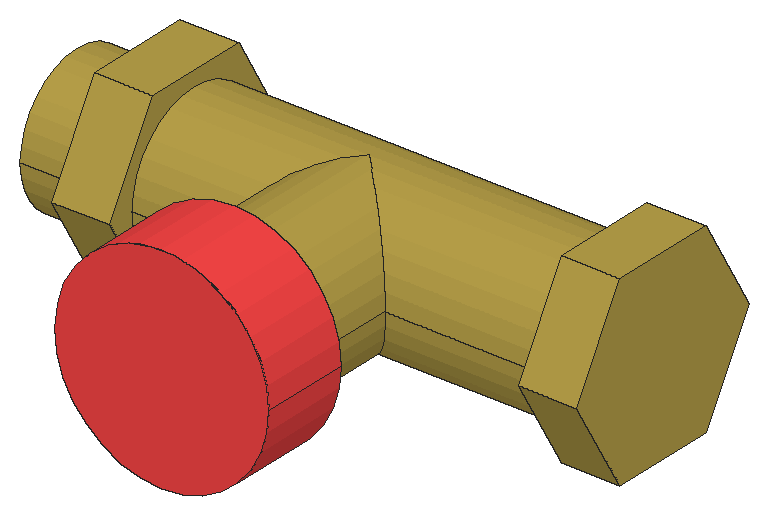
Revit family "Проходной термостатический вентиль «Standart»", category Арматура трубопроводов, Revit 2020
Family settings
  Размер круглого соединителя = Использовать диаметр
  Тип детали = Клапан - Вставляется
  Номер OmniClass = 23.65.55.14.21
  Заголовок OmniClass = Non-Return Valves for Liquid Services
  На основе рабочей плоскости = Нет
  Всегда вертикально = Нет
  При загрузке вырезать с полостями = Нет
  Общий = Да
Parameters (values of type "Dn20")
  Отметка по умолчанию = 0 mm
  Материал клапана = Латунь
  K Coefficient = 1
  Толщина крышки = 0.15 * Длина корпуса  # 12.3 mm
  Дуго = 47.343 mm
  Высота крышки = 36 mm
  Диаметр крышки = 39 mm
  Длина корпуса = 82 mm
  Диаметр корпуса = 0.6 * Диаметр адаптера  # 14.4 mm
  Длина адаптера = 0.1 * Длина корпуса  # 8.2 mm
  Диаметр адаптера = 1.2 * WSR_D1  # 24 mm
  WSR_D1 = 20 mm
  URL = "https://www.weser.ru/about/documentation/"
  Kvs [instance] = 0.0 m³/h
  ADSK_Позиция = ""
  ADSK_Наименование краткое = "Термостатический вентиль"  # constant formula
  ADSK_Наименование [instance] = "Проходной термостатический вентиль «Standart» Dn20"
  ADSK_Масса_Текст = ""
  ADSK_Код изделия [instance] = "820080.100"
  ADSK_Завод-изготовитель = "Weser"  # constant formula
  ADSK_Единица измерения = "шт."  # constant formula
  ADSK_Группирование [instance] = ""
Types (2, lengths in mm): name | K Coefficient | Диаметр корпуса | Диаметр адаптера | WSR_D1 | ADSK_Наименование | ADSK_Код изделия
  Dn15 | 0.54 | 10.8 | 18 | 15 | "Проходной термостатический вентиль «Standart» Dn15" | "820072.100"
  Dn20 | 1 | 14.4 | 24 | 20 | "Проходной термостатический вентиль «Standart» Dn20" | "820080.100"
Reference planes
  plane 1 "По центру (Вперед/Назад)": y = 0
  plane 2: z = 0
  plane 3 "По центру (Влево/Вправо)": x = 0
  plane 4: x = -41
  plane 5: x = 41
  plane 6: x = -32.8
  plane 7: z = 23.7
  plane 8: z = 36
  plane 9: z = -10.8
  plane 10: z = -16.8
  plane 11: x = -3.6
  plane 12: x = -10.8
  plane 13: y = 23.671
  plane 14: y = -23.671
  plane 15: x = 32.8
Forms (mm)
  Extrusion 1, solid, material "Латунь" <- "Материал клапана", detail levels fine
    sketch origin (0, 0, 0) x (0, 1, 0) y (0, 0, 1)
      loop
        circle (0, 0) r 11
    from -32.8 to 41
  Extrusion 2, solid, material "Латунь" <- "Материал клапана", detail levels fine
    sketch origin (0, 0, 0) x (1, 0, 0) y (0, 0, 1)
      loop
        circle (0, 0) r 11
    from 0 to 23.671
  Extrusion 3, solid, material "Латунь" <- "Материал клапана", detail levels fine
    sketch origin (-41, 552.765, 1219.2) x (0, 1, 0) y (0, 0, 1)
      loop
        circle (-552.765, -1219.2) r 10
    from 0 to 8.2
  Extrusion 4, solid, material "Латунь" <- "Материал клапана", detail levels fine
    sketch origin (41, 553.047, 1219.2) x (0, 1, 0) y (0, 0, 1)
      loop
        line (-560.287, -1206.171) -> (-567.809, -1219.2) -> (-560.287, -1232.229) -> (-545.243, -1232.229) -> (-537.721, -1219.2) -> (-545.243, -1206.171) -> (-560.287, -1206.171)
    from 0 to -8.2
  Extrusion 5, solid, material "Латунь" <- "Материал клапана", detail levels fine
    sketch origin (-24.6, 553.047, 1219.2) x (0, 1, 0) y (0, 0, 1)
      loop
        line (-560.287, -1206.171) -> (-567.809, -1219.2) -> (-560.287, -1232.229) -> (-545.243, -1232.229) -> (-537.721, -1219.2) -> (-545.243, -1206.171) -> (-560.287, -1206.171)
    from 0 to -8.2
  Extrusion 6, solid, material "Пластик Красный", detail levels fine
    sketch origin (-152.652, -23.671, 1219.2) x (-1, 0, 0) y (0, 0, 1)
      loop
        circle (-152.652, -1219.2) r 15
    from -12.724 to 0
Cuts and joins
  joined: Extrusion 1, Extrusion 2, Extrusion 3, Extrusion 4, Extrusion 5
Dimensions and locks
  equal spacing: plane 4, plane 3 "По центру (Влево/Вправо)", plane 5
  "Длина корпуса": plane 4 to plane 5
  "Длина адаптера": plane 4 to plane 6
  "Толщина крышки": plane 8 to plane 7
  "Высота крышки": plane 8 to plane 2
  locked: plane 2 to plane 9 at 10.8
  locked: plane 9 to plane 10 at 6
  locked: plane 3 "По центру (Влево/Вправо)" to plane 11 at 3.6
  locked: plane 3 "По центру (Влево/Вправо)" to plane 12 at 10.8
  "Длина адаптера": plane 15 to plane 5
  "Дуго": plane 13 to plane 14
  equal spacing: plane 13, plane 1 "По центру (Вперед/Назад)", plane 14
  "WSR_D1": diameter of Extrusion 3 sketch curve
  aligned and locked: plane 2 to Extrusion 1 sketch curve
  aligned and locked: plane 1 "По центру (Вперед/Назад)" to Extrusion 1 sketch curve
  aligned and locked: Extrusion 1 to plane 6
  aligned and locked: plane 3 "По центру (Влево/Вправо)" to Extrusion 2 sketch curve
  aligned and locked: cut or joined group of Extrusion 1, Extrusion 2, Extrusion 3, Extrusion 4, Extrusion 5 to plane 14
  aligned and locked: plane 6 to Extrusion 3
  aligned and locked: Extrusion 3 to plane 4
  aligned and locked: Extrusion 2 to plane 1 "По центру (Вперед/Назад)"
  aligned and locked: plane 5 to Extrusion 1
  aligned and locked: Extrusion 4 to plane 15
  aligned and locked: Extrusion 6 to cut or joined group of Extrusion 1, Extrusion 2, Extrusion 3, Extrusion 4, Extrusion 5
  aligned and locked: nested 1 to plane 5
  aligned and locked: plane 1 "По центру (Вперед/Назад)" to nested 1
Automatic sketch dimensions
  Extrusion 2 sketch curve to level = 0 mm
  Extrusion 3 sketch curve to level = 0 mm
  Extrusion 3 sketch curve to plane 1 "По центру (Вперед/Назад)" = 0 mm
  Extrusion 5 sketch curve to level = 0 mm  (x2)
  plane 14 to Extrusion 5 sketch curve = 8.91 mm
  plane 1 "По центру (Вперед/Назад)" to Extrusion 5 sketch curve = 7.24 mm  (x2)
  Extrusion 5 sketch curve to plane 9 = 2.229 mm
  Extrusion 5 sketch curve to plane 1 "По центру (Вперед/Назад)" = 7.804 mm  (x2)
  Extrusion 5 sketch curve to plane 13 = 8.345 mm
  Extrusion 5 sketch curve to plane 7 = 10.671 mm
  Extrusion 6 sketch curve to level = 0 mm
  Extrusion 6 sketch curve to plane 3 "По центру (Влево/Вправо)" = 0 mm
  radius of Extrusion 2 sketch curve = 11 mm
  radius of Extrusion 1 sketch curve = 11 mm
  radius of Extrusion 6 sketch curve = 15 mm
Nested families
  nested 1: "УГО Клапан регулирующий проходной" at (0, 0, 0), D <- "Дуго", L <- "Длина корпуса", type "УГО Клапан регулирующий проходной"
    with УГО в разрезе no, УГО в плане yes, L1 13.667 mm, L 82 mm, H 47.343 mm, D 47.343 mm, ADSK_Позиция "", ADSK_Обозначение "", ADSK_Наименование "", ADSK_Код изделия ""
Connectors
  piping at (-32.8, 0.282, 0), diameter 20, driven by "WSR_D1"
    settings: on cut or joined group of Extrusion 1, Extrusion 2, Extrusion 3, Extrusion 4, Extrusion 5, index 1, connector inside diameter 609.6 mm, connector length 0 mm, flow factor 0, pipe flow 0.0 m³/h, pressure drop 0.0 Pa, fitting loss kfactor 0, connector angle 0.00°, fixture units 0, engagement length 0 mm, angle of deflection 0.00°, flow configuration 0, flow direction 0, fitting loss method 0, system type 29, joint type 0, gender type 0, connector reference index 2, connector utility 0, adjustable connector no, is connector primary yes, connector description ""
  piping at (41, 0.282, 0), diameter 20, driven by "WSR_D1"
    settings: on cut or joined group of Extrusion 1, Extrusion 2, Extrusion 3, Extrusion 4, Extrusion 5, index 2, connector inside diameter 609.6 mm, connector length 0 mm, flow factor 0, pipe flow 0.0 m³/h, pressure drop 0.0 Pa, fitting loss kfactor 0, connector angle 0.00°, fixture units 0, engagement length 0 mm, angle of deflection 0.00°, flow configuration 0, flow direction 0, fitting loss method 0, system type 29, joint type 0, gender type 0, connector reference index 1, connector utility 0, adjustable connector no, is connector primary no, connector description ""
  piping at (0, -23.671, 0), diameter 30
    settings: on Extrusion 6, index 3, connector inside diameter 609.6 mm, connector length 0 mm, flow factor 0, pipe flow 0.0 m³/h, pressure drop 0.0 Pa, fitting loss kfactor 0, connector angle 0.00°, fixture units 0, engagement length 0 mm, angle of deflection 0.00°, flow configuration 0, flow direction 0, fitting loss method 0, system type 28, joint type 0, gender type 0, connector reference index -1, connector utility 0, adjustable connector no, is connector primary no, connector description ""
Definition of nested family "УГО Клапан регулирующий проходной"
  Parameters (values of type "УГО Клапан запорно-балансировочный ручной")
    УГО в разрезе [instance] = not(УГО в плане)  # no
    УГО в плане [instance] = yes
    Разработчик (телефон) = ""
    Разработчик (email) = ""
    Разработчик (URL) = ""
    Разработчик = ""
    Default Elevation = 0 mm
    Manufacturer = ""
    L1 [instance] = L / 6  # 16.667 mm
    L [instance] = 100 mm
    H [instance] = D  # 50 mm
    D [instance] = 50 mm
    ADSK_Позиция [instance] = ""
    ADSK_Обозначение [instance] = ""
    ADSK_Наименование [instance] = ""
    ADSK_Масса = 0
    ADSK_Количество = 1  # constant formula
    ADSK_Код изделия [instance] = ""
    ADSK_Завод-изготовитель = Manufacturer  # ""
    ADSK_Единица измерения = "шт"  # constant formula
    ADSK_URL документации изделия = ""
  Types (3, lengths in mm): name | L1 | L | H | D
    УГО Клапан регулирующий проходной | 33.333 | 200 | 100 | 100
    УГО Клапан запорный | 33.333 | 200 | 100 | 100
    УГО Клапан запорно-балансировочный ручной | 16.667 | 100 | 50 | 50
  Reference planes
    plane 1 "По центру (Вперед/Назад)": y = 0
    plane 2: z = 0
    plane 3 "По центру (Влево/Вправо)": x = 0
    plane 4: x = -50
    plane 5: x = -8.333
    plane 6: x = 50
    plane 7: x = 8.333
    plane 8: y = 50
    plane 9: y = 25
    plane 10: y = -25
    plane 11: z = 25
    plane 12: z = 50
    plane 13: z = -25
  Lines and regions (mm)
    model lines, visible <- "УГО в плане", detail levels coarse+medium
      curve 1: line (-50, 25, 0) -> (-50, -25, 0)
      curve 2: line (-50, -25, 0) -> (50, 25, 0)
      curve 3: line (50, 25, 0) -> (50, -25, 0)
      curve 4: line (50, -25, 0) -> (-50, 25, 0)
      curve 5: line (-8.333, 25, 0) -> (0, 0, 0)
      curve 6: line (0, 0, 0) -> (8.333, 25, 0)
      curve 7: line (8.333, 25, 0) -> (-8.333, 25, 0)
      curve 8: line (0, 50, 0) -> (0, 25, 0)
    model lines, visible <- "УГО в разрезе", detail levels coarse+medium
      curve 9: line (-50, 0, 25) -> (-50, 0, -25)
      curve 10: line (-50, 0, -25) -> (50, 0, 25)
      curve 11: line (50, 0, 25) -> (50, 0, -25)
      curve 12: line (50, 0, -25) -> (-50, 0, 25)
      curve 13: line (0, 0, 0) -> (-8.333, 0, 25)
      curve 14: line (-8.333, 0, 25) -> (8.333, 0, 25)
      curve 15: line (8.333, 0, 25) -> (0, 0, 0)
      curve 16: line (0, 0, 50) -> (0, 0, 25)
    symbolic lines, detail levels coarse+medium
      curve 17: line (-50, 0, 25) -> (-50, 0, -25)
      curve 18: line (-50, 0, -25) -> (50, 0, 25)
      curve 19: line (50, 0, 25) -> (50, 0, -25)
      curve 20: line (50, 0, -25) -> (-50, 0, 25)
      curve 21: line (0, 0, 0) -> (-8.333, 0, 25)
      curve 22: line (-8.333, 0, 25) -> (8.333, 0, 25)
      curve 23: line (8.333, 0, 25) -> (0, 0, 0)
      curve 24: line (0, 0, 25) -> (0, 0, 50)
      curve 25: line (-50, 25, 0) -> (-50, -25, 0)
      curve 26: line (-50, -25, 0) -> (50, 25, 0)
      curve 27: line (50, 25, 0) -> (50, -25, 0)
      curve 28: line (50, -25, 0) -> (-50, 25, 0)
      curve 29: line (0, 0, 0) -> (-8.333, 25, 0)
      curve 30: line (-8.333, 25, 0) -> (8.333, 25, 0)
      curve 31: line (8.333, 25, 0) -> (0, 0, 0)
      curve 32: line (0, 25, 0) -> (0, 50, 0)
  Dimensions and locks
    equal spacing: plane 4, plane 3 "По центру (Влево/Вправо)", plane 6
    "L": plane 4 to plane 6
    equal spacing: plane 5, plane 3 "По центру (Влево/Вправо)", plane 7
    "L1": plane 5 to plane 7
    equal spacing: plane 9, plane 1 "По центру (Вперед/Назад)", plane 10
    "D": plane 9 to plane 10
    "H": plane 8 to plane 1 "По центру (Вперед/Назад)"
    equal spacing: plane 11, level, plane 13
    "D": plane 11 to plane 13
    "H": plane 12 to level
    aligned and locked: level to plane 2
  Automatic sketch dimensions
    curve 15 to level = 0 mm
    curve 16 to plane 3 "По центру (Влево/Вправо)" = 0 mm
    curve 23 to level = 0 mm
    plane 7 to curve 14 = 0 mm
    curve 11 to plane 13 = 0 mm
    curve 16 to plane 12 = 0 mm
    curve 18 to plane 11 = 0 mm
    plane 6 to curve 20 = 0 mm
    curve 20 to plane 11 = 0 mm
    curve 21 to plane 5 = 0 mm
    curve 21 to level = 0 mm
    curve 21 to plane 11 = 0 mm
    curve 23 to plane 3 "По центру (Влево/Вправо)" = 0 mm
    curve 24 to plane 3 "По центру (Влево/Вправо)" = 0 mm
    curve 24 to plane 12 = 0 mm
    curve 9 to plane 4 = 0 mm
    curve 6 to plane 3 "По центру (Влево/Вправо)" = 0 mm
    curve 8 to plane 3 "По центру (Влево/Вправо)" = 0 mm
    curve 6 to plane 9 = 0 mm
    curve 26 to plane 9 = 0 mm
    curve 8 to plane 8 = 0 mm
    plane 10 to curve 25 = 0 mm
    curve 26 to plane 4 = 0 mm
    curve 26 to plane 6 = 0 mm
    plane 10 to curve 28 = 0 mm
    curve 28 to plane 9 = 0 mm
    curve 29 to plane 5 = 0 mm
    curve 29 to plane 3 "По центру (Влево/Вправо)" = 0 mm
    curve 31 to plane 7 = 0 mm
    curve 32 to plane 3 "По центру (Влево/Вправо)" = 0 mm
    curve 32 to plane 8 = 0 mm
